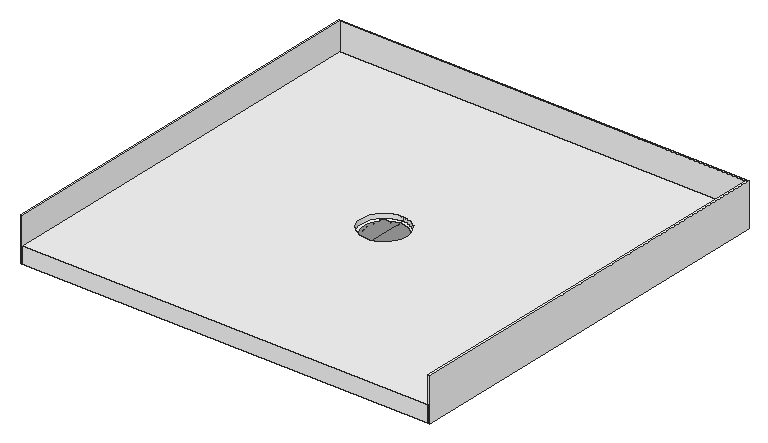
Revit family "1Plumbing-Fixture_Mincey-Marble-Manufacturing_TP-Transfer-Shower-Pan", category Plumbing Fixtures, host Face, Revit 2022
Family settings
  Host = Face
  Round Connector Dimension = Use Diameter
  Part Type = Normal
  OmniClass Number = 23.45.05.14.11.21
  Cut with Voids When Loaded = No
  Maintain Annotation Orientation = No
  Shared = No
  Room Calculation Point = No
Parameters (values of type "TP-3738 - Center Drain Transfer Shower Pan")
  Version = 1
  URL = "https://minceymarble.com/"
  Product data url = ""
  Product Page URL = "https://minceymarble.com/product/shower-pans-tp-3738-c-sf"
  Product Material Note [instance] = "Available Product Material: Almond, Bone, Cream, Ivory, White, Light Gray, Putty."  # constant formula
  Product Material [instance] = Mincey Marble Manufacturing - Cast Marble - White
  Product Documentation Link = "https://minceymarble.com/products-specifications-shower-pans-tp-3738-c-sf"
  Model = "TP-3738-C-SF"
  Manufacturer = "Mincey Marble Manufacturing"  # constant formula
  Length = 38"
  Keynote = "22 40 00.B5"
  Height = 4"  # constant formula
  Flow = 0 GPM
  Drain Vertical Offset = Length / 2  # 19"
  Drain Horizontal Offset = Depth / 2  # 18.5"
  Drain Diameter = 2"
  Drain Cover Material Note [instance] = "Available Drain Cover Material: Solid, Decorative Metal"  # constant formula
  Drain Cover Material [instance] = Mincey Marble Manufacturing - PVC - Solid
  Description = "37 x 38 Center Drain Transfer Shower Pan"
  Depth = 37"
  Default Elevation = 48"
  Date Updated = ""
  Date Created = "2025/08/19"  # constant formula
  Assembly Code = "D2010.60"
Types (3): name | Product Page URL | Product Documentation Link | Model | Drain Horizontal Offset | Description | Depth
  (no name) | "https://minceymarble.com/product/shower-pans-tp-3738-c-sf" | "https://minceymarble.com/products-specifications-shower-pans-tp-3738-c-sf" | "TP-3738-C-SF" | 18.5" | "37 x 38 Center Drain Transfer Shower Pan" | 37"
  TP-3738 - Center Drain Transfer Shower Pan | "https://minceymarble.com/product/shower-pans-tp-3738-c-sf" | "https://minceymarble.com/products-specifications-shower-pans-tp-3738-c-sf" | "TP-3738-C-SF" | 18.5" | "37 x 38 Center Drain Transfer Shower Pan" | 37"
  TP-3838 - Center Drain Transfer Shower Pan | "https://minceymarble.com/product/shower-pans-tp-3838-c-sf" | "https://minceymarble.com/products-specifications-shower-pans-tp-3838-c-sf" | "TP-3838-C-SF" | 19" | "38 x 38 Center Drain Transfer Shower Pan" | 38"
Reference planes (in)
  plane 1 "Center (Front/Back)": y = 0
  plane 2: z = 0
  plane 3 "Center (Left/Right)": x = 0
  plane 4: x = -19
  plane 5: x = 19
  plane 6: y = 18.5
  plane 7: y = -18.5
  plane 8: z = -1.5
  plane 9: z = 2.5
  plane 10 "Drain 1": y = 0
  plane 11 "Drain 2": x = 0
Forms (in)
  Extrusion 1, solid, material "Mincey Marble Manufacturing - Cast Marble - White" <- "Product Material", detail levels medium+fine
    sketch origin (0, 0, 0) x (1, 0, 0) y (0, 1, 0)
      loop
        line (-18.875, 18.375) -> (-18.875, -18.5) -> (18.875, -18.5) -> (18.875, 18.375) -> (-18.875, 18.375)
    from 0 to -1.5
  Extrusion 2, solid, material "Mincey Marble Manufacturing - Cast Marble - White" <- "Product Material", detail levels medium+fine
    sketch origin (0, 0, 0) x (1, 0, 0) y (0, 1, 0)
      loop
        line (-19, 18.5) -> (-19, -18.5) -> (-18.875, -18.5) -> (-18.875, 18.375) -> (18.875, 18.375) -> (18.875, -18.5) -> (19, -18.5) -> (19, 18.5) -> (-19, 18.5)
    from -1.5 to 2.5
  Revolve 3, void, detail levels medium+fine
    sketch origin (0, 8, 48) x (0, 1, 0) y (0, 0, 1)
      loop
        line (-8, -49.5) -> (-6.375, -49.5) -> (-6.375, -48.5) -> (-5.875, -48.38) -> (-5.875, -48) -> (-8, -48) -> (-8, -49.5)
      axis (-8, -48) -> (-8, -49.5)
    angle from 0 to 360
  Revolve 4, solid, material "Mincey Marble Manufacturing - PVC - Solid" <- "Drain Cover Material", detail levels medium+fine
    sketch origin (0, 8, 48) x (0, 1, 0) y (0, 0, 1)
      loop
        line (-8, -48.43194) -> (-8, -48.5) -> (-6.375, -48.5) -> (-6.0914, -48.43194) -> (-8, -48.43194)
      axis (-8, -48.43194) -> (-8, -48.5)
    angle from 0 to 360
  Extrusion 5, void
    sketch origin (0, 0, 0) x (1, 0, 0) y (0, 1, 0)
      loop
        line (-19, 18.5) -> (-19, -18.5) -> (19, -18.5) -> (19, 18.5) -> (-19, 18.5)
    from -1.5 to 0
  Extrusion 6, solid, material "Mincey Marble Manufacturing - Cast Marble - White" <- "Product Material", detail levels coarse
    sketch origin (0, 0, 0) x (1, 0, 0) y (0, 1, 0)
      loop
        line (-19, -18.5) -> (19, -18.5) -> (19, 18.5) -> (-19, 18.5) -> (-19, -18.5)
    from -1.5 to 0
  Extrusion 7, solid, not visible
    sketch origin (0, 0, 0) x (1, 0, 0) y (0, 1, 0)
      loop
        circle (0, 0) r 0.5
    from -1.5 to -0.5
Cuts and joins
  Revolve 3 cuts Extrusion 1
Lines and regions (in)
  Masking region 1
    outline origin (0, 0, 0) x (1, 0, 0) y (0, 1, 0)
      loop
        line (-19, -18.5) -> (19, -18.5) -> (19, 18.5) -> (-19, 18.5) -> (-19, -18.5)
  symbolic lines, detail levels medium+fine
    curve 1: line (-18.875, -18.5, 0) -> (-18.875, 18.375, 0)
    curve 2: line (-18.875, 18.375, 0) -> (18.875, 18.375, 0)
    curve 3: line (18.875, 18.375, 0) -> (18.875, -18.5, 0)
    curve 4: circle (0, 0, 0) r 1.9086 normal (0, 0, 1)
    curve 5: circle (0, 0, 0) r 2.125 normal (0, 0, 1)
Dimensions and locks (in)
  equal spacing: plane 4, plane 3 "Center (Left/Right)", plane 5
  "Length": plane 4 to plane 5
  equal spacing: plane 6, plane 1 "Center (Front/Back)", plane 7
  "Depth": plane 6 to plane 7
  plane 9 to level to plane 8 = 2.5" locked, 1.5" locked
  Revolve 3 sketch curve to Revolve 3 sketch curve to plane 10 "Drain 1" = 0.5" locked, 1.625" locked
  locked: plane 11 "Drain 2" to Extrusion 7 sketch curve
  locked: plane 10 "Drain 1" to Extrusion 7 sketch curve
  "Drain Horizontal Offset": plane 6 to plane 10 "Drain 1"
  "Drain Vertical Offset": plane 11 "Drain 2" to plane 5
  locked: Extrusion 2 sketch curve to plane 5 at 0.125
  locked: plane 6 to Extrusion 2 sketch curve at 0.125
  locked: plane 4 to Extrusion 2 sketch curve at 0.125
  locked: Extrusion 1 sketch curve to plane 5 at 0.125
  locked: plane 6 to Extrusion 1 sketch curve at 0.125
  locked: plane 4 to Extrusion 1 sketch curve at 0.125
  Revolve 4 sketch curve to Revolve 4 sketch curve to plane 10 "Drain 1" = 0.2836" locked, 1.625" locked
  locked: plane 11 "Drain 2" to curve 4
  locked: plane 11 "Drain 2" to curve 5
  locked: plane 10 "Drain 1" to curve 5
  locked: plane 10 "Drain 1" to curve 4
  aligned and locked: plane 2 to host face
  aligned and locked: level to host face
  aligned and locked: plane 4 to Extrusion 2 sketch curve
  aligned and locked: Extrusion 2 sketch curve to plane 6
  aligned and locked: Extrusion 2 sketch curve to plane 5
  aligned and locked: plane 7 to Extrusion 2 sketch curve  (x2)
  aligned and locked: Extrusion 1 sketch curve to plane 7
  aligned and locked: Extrusion 1 to plane 8
  aligned and locked: level to Extrusion 1
  aligned and locked: Extrusion 2 to plane 8
  aligned and locked: plane 9 to Extrusion 2
  aligned and locked: Masking region 1 sketch curve to plane 4
  aligned and locked: Masking region 1 sketch curve to plane 6
  aligned and locked: Masking region 1 sketch curve to plane 7
  aligned and locked: Masking region 1 sketch curve to plane 5
  aligned and locked: Extrusion 6 sketch curve to plane 4
  aligned and locked: Extrusion 6 sketch curve to plane 6
  aligned and locked: Extrusion 6 sketch curve to plane 7
  aligned and locked: Extrusion 6 sketch curve to plane 5
  aligned and locked: Extrusion 6 to plane 8
  aligned and locked: level to Extrusion 6
  aligned and locked: plane 10 "Drain 1" to Revolve 3 sketch curve  (x2)
  aligned and locked: plane 10 "Drain 1" to Revolve 4 sketch curve
  aligned and locked: Revolve 4 sketch curve to plane 10 "Drain 1"
  aligned and locked: Extrusion 7 to plane 8
  aligned and locked: Revolve 3 sketch curve to Extrusion 2
  aligned and locked: Revolve 4 to Extrusion 7
Automatic sketch dimensions
  host sketch curve to host sketch curve = 131.51917"
  host sketch curve to host sketch curve = 96"
  Extrusion 5 sketch curve to plane 4 = 0"
  Extrusion 5 sketch curve to plane 5 = 0"
  Extrusion 5 sketch curve to plane 7 = 0"
  Extrusion 5 sketch curve to plane 6 = 0"
  Revolve 3 sketch curve to Revolve 3 sketch curve = 22.5"
  plane 9 to Revolve 3 sketch curve = 89.77586"
  plane 8 to Revolve 3 sketch curve = 1"
  Revolve 3 sketch curve to Revolve 3 sketch curve = 0.12"
  Revolve 3 sketch curve to level = 0"
  Revolve 4 sketch curve to level = 0.43194"
  Revolve 4 sketch curve to plane 8 = 22.5"
  plane 9 to Revolve 4 sketch curve = 89.77586"
  Revolve 4 sketch curve to Revolve 4 sketch curve = 0.06806"
  curve 1 to plane 7 = 0"
  curve 3 to plane 7 = 0"
  curve 2 to plane 4 = 0.125"
  curve 3 to plane 5 = 0.125"
  curve 3 to plane 6 = 0.125"
  radius of Extrusion 7 sketch curve = 0.5"
  radius of curve 4 = 1.9086"
  radius of curve 5 = 2.125"
Connectors (in)
  piping at (0, 0, -1.5), diameter 2, driven by "Drain Diameter", driven by "Flow"
    settings: on Extrusion 7, index 1, connector inside diameter 24", connector length 0", flow factor 0, pipe flow 0 GPM, pressure drop 0.00 psi, fitting loss kfactor 0, connector angle 0.00°, fixture units 0, engagement length 0", angle of deflection 0.00°, flow configuration 0, flow direction 2, fitting loss method 0, system type 16, joint type 0, gender type 0, connector reference index -1, connector utility 0, adjustable connector no, is connector primary yes, connector description "Drain"
